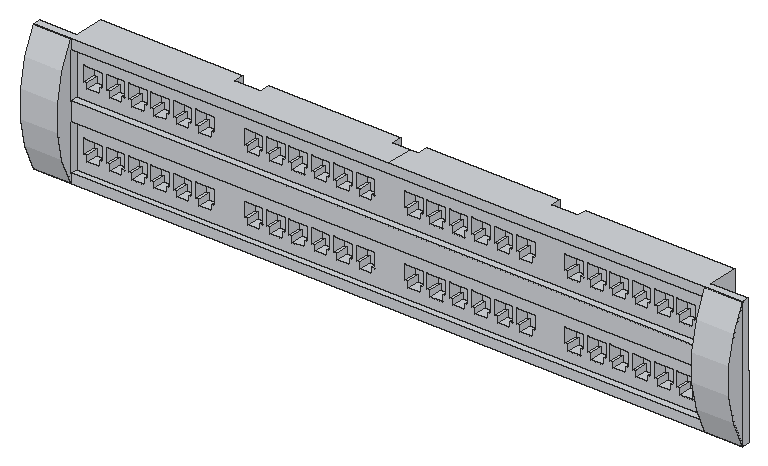
Revit family
Parameters (values of type "Type 1")
  Material ID = "760151498"
  Description = "SYSTIMAX 360 Evolve High Density F/UTP Modular Panel, 48 port"
Reference planes (in)
  plane 1 "Center (Front/Back)": y = 0
  plane 2: z = 0
  plane 3 "Center (Left/Right)": x = 0
Forms (in)
  Extrusion 1, solid
    sketch origin (0, 0, 0) x (1, 0, 0) y (0, 0, 1)
      loop
        line (0, 1.735) -> (-9.5, 1.735) -> (-9.5, -1.735) -> (9.5, -1.735) -> (9.5, 1.735) -> (0, 1.735)
    from 0 to 1
  Extrusion 2, solid
    sketch origin (0, 0, 0) x (0, 1, 0) y (0, 0, 1)
      loop
        arc (-1, 1.735) -> (-1.46083, 0) -> (-1, -1.735) r 3.49647
        line (-1, -1.735) -> (-1, 1.735)
    from -9.5 to -8.5
  Extrusion 3, solid
    sketch origin (0, 0, 0) x (0, 1, 0) y (0, 0, -1)
      loop
        line (-1, -1.735) -> (-1, 1.735)
        arc (-1, 1.735) -> (-1.46083, 0) -> (-1, -1.735) r 3.49647
    from -9.5 to -8.5
  Extrusion 4, void
    sketch origin (0, 0, 0) x (1, 0, 0) y (0, 0, 1)
      loop
        line (0, 1.5) -> (-8.5, 1.5) -> (-8.5, 0.24) -> (8.5, 0.24) -> (8.5, 1.5) -> (0, 1.5)
      loop
        line (8.5, -1.5) -> (8.5, -0.24) -> (-8.5, -0.24) -> (-8.5, -1.5) -> (8.5, -1.5)
    from 0.80035 to 1
  Extrusion 5, void
    sketch origin (0, 0, 0) x (1, 0, 0) y (0, 0, 1)
      loop
        line (-8.306, 1.07722) -> (-8.306, 0.68622) -> (-8.226, 0.68622) -> (-8.226, 0.53222) -> (-7.886, 0.53222) -> (-7.886, 0.68622) -> (-7.806, 0.68622) -> (-7.806, 1.07722) -> (-8.306, 1.07722)
    from 0.462 to 1.10159
  Extrusion 6, void, not visible
    sketch origin (0, 0, 0) x (1, 0, 0) y (0, 0, 1)
      loop
        line (-8.45, 1.2) -> (-8.45, 0.809) -> (-8.37, 0.809) -> (-8.37, 0.655) -> (-8.03, 0.655) -> (-8.03, 0.809) -> (-7.95, 0.809) -> (-7.95, 1.2) -> (-8.45, 1.2)
    from 0.60159 to 1.10159
  Extrusion 7, void, not visible
    sketch origin (0.5989, 0, 0) x (1, 0, 0) y (0, 0, 1)
      loop
        line (-8.45, 1.2) -> (-8.45, 0.809) -> (-8.37, 0.809) -> (-8.37, 0.655) -> (-8.03, 0.655) -> (-8.03, 0.809) -> (-7.95, 0.809) -> (-7.95, 1.2) -> (-8.45, 1.2)
    from 0.60159 to 1.10159
  Extrusion 8, void, not visible
    sketch origin (1.2106, 0, 0) x (1, 0, 0) y (0, 0, 1)
      loop
        line (-8.45, 1.2) -> (-8.45, 0.809) -> (-8.37, 0.809) -> (-8.37, 0.655) -> (-8.03, 0.655) -> (-8.03, 0.809) -> (-7.95, 0.809) -> (-7.95, 1.2) -> (-8.45, 1.2)
    from 0.60159 to 1.10159
  Extrusion 9, void, not visible
    sketch origin (1.81104, 0, 0) x (1, 0, 0) y (0, 0, 1)
      loop
        line (-8.45, 1.2) -> (-8.45, 0.809) -> (-8.37, 0.809) -> (-8.37, 0.655) -> (-8.03, 0.655) -> (-8.03, 0.809) -> (-7.95, 0.809) -> (-7.95, 1.2) -> (-8.45, 1.2)
    from 0.60159 to 1.10159
  Extrusion 10, void, not visible
    sketch origin (2.41302, 0, 0) x (1, 0, 0) y (0, 0, 1)
      loop
        line (-8.45, 1.2) -> (-8.45, 0.809) -> (-8.37, 0.809) -> (-8.37, 0.655) -> (-8.03, 0.655) -> (-8.03, 0.809) -> (-7.95, 0.809) -> (-7.95, 1.2) -> (-8.45, 1.2)
    from 0.60159 to 1.10159
  Extrusion 11, void, not visible
    sketch origin (3.01652, 0, 0) x (1, 0, 0) y (0, 0, 1)
      loop
        line (-8.45, 1.2) -> (-8.45, 0.809) -> (-8.37, 0.809) -> (-8.37, 0.655) -> (-8.03, 0.655) -> (-8.03, 0.809) -> (-7.95, 0.809) -> (-7.95, 1.2) -> (-8.45, 1.2)
    from 0.60159 to 1.10159
  Extrusion 12, void
    sketch origin (0, 0, 0) x (1, 0, 0) y (0, 0, 1)
      loop
        line (9.5, 1.735) -> (8.5, 1.735) -> (8.5, -1.735) -> (9.5, -1.735) -> (9.5, 1.735)
    from 0 to 0.80035
  Extrusion 13, void
    sketch origin (0.6, 0, 0) x (1, 0, 0) y (0, 0, 1)
      loop
        line (-8.306, 1.07722) -> (-8.306, 0.68622) -> (-8.226, 0.68622) -> (-8.226, 0.53222) -> (-7.886, 0.53222) -> (-7.886, 0.68622) -> (-7.806, 0.68622) -> (-7.806, 1.07722) -> (-8.306, 1.07722)
    from 0.462 to 1.10159
  Extrusion 14, void
    sketch origin (1.2, 0, 0) x (1, 0, 0) y (0, 0, 1)
      loop
        line (-8.306, 1.07722) -> (-8.306, 0.68622) -> (-8.226, 0.68622) -> (-8.226, 0.53222) -> (-7.886, 0.53222) -> (-7.886, 0.68622) -> (-7.806, 0.68622) -> (-7.806, 1.07722) -> (-8.306, 1.07722)
    from 0.462 to 1.10159
  Extrusion 15, void
    sketch origin (1.8, 0, 0) x (1, 0, 0) y (0, 0, 1)
      loop
        line (-8.306, 1.07722) -> (-8.306, 0.68622) -> (-8.226, 0.68622) -> (-8.226, 0.53222) -> (-7.886, 0.53222) -> (-7.886, 0.68622) -> (-7.806, 0.68622) -> (-7.806, 1.07722) -> (-8.306, 1.07722)
    from 0.462 to 1.10159
  Extrusion 16, void
    sketch origin (2.4, 0, 0) x (1, 0, 0) y (0, 0, 1)
      loop
        line (-8.306, 1.07722) -> (-8.306, 0.68622) -> (-8.226, 0.68622) -> (-8.226, 0.53222) -> (-7.886, 0.53222) -> (-7.886, 0.68622) -> (-7.806, 0.68622) -> (-7.806, 1.07722) -> (-8.306, 1.07722)
    from 0.462 to 1.10159
  Extrusion 17, void
    sketch origin (3, 0, 0) x (1, 0, 0) y (0, 0, 1)
      loop
        line (-8.306, 1.07722) -> (-8.306, 0.68622) -> (-8.226, 0.68622) -> (-8.226, 0.53222) -> (-7.886, 0.53222) -> (-7.886, 0.68622) -> (-7.806, 0.68622) -> (-7.806, 1.07722) -> (-8.306, 1.07722)
    from 0.462 to 1.10159
  Extrusion 18, void, not visible
    sketch origin (0, 0, 0) x (1, 0, 0) y (0, 0, 1)
      loop
        line (-8.306, 1.07722) -> (-8.306, 0.68622) -> (-8.226, 0.68622) -> (-8.226, 0.53222) -> (-7.886, 0.53222) -> (-7.886, 0.68622) -> (-7.806, 0.68622) -> (-7.806, 1.07722) -> (-8.306, 1.07722)
    from 0.462 to 1.10159
  Extrusion 19, void
    sketch origin (4.3, 0, 0) x (1, 0, 0) y (0, 0, 1)
      loop
        line (-8.306, 1.07722) -> (-8.306, 0.68622) -> (-8.226, 0.68622) -> (-8.226, 0.53222) -> (-7.886, 0.53222) -> (-7.886, 0.68622) -> (-7.806, 0.68622) -> (-7.806, 1.07722) -> (-8.306, 1.07722)
    from 0.462 to 1.10159
  Extrusion 20, void
    sketch origin (4.9, 0, 0) x (1, 0, 0) y (0, 0, 1)
      loop
        line (-8.306, 1.07722) -> (-8.306, 0.68622) -> (-8.226, 0.68622) -> (-8.226, 0.53222) -> (-7.886, 0.53222) -> (-7.886, 0.68622) -> (-7.806, 0.68622) -> (-7.806, 1.07722) -> (-8.306, 1.07722)
    from 0.462 to 1.10159
  Extrusion 21, void
    sketch origin (5.5, 0, 0) x (1, 0, 0) y (0, 0, 1)
      loop
        line (-8.306, 1.07722) -> (-8.306, 0.68622) -> (-8.226, 0.68622) -> (-8.226, 0.53222) -> (-7.886, 0.53222) -> (-7.886, 0.68622) -> (-7.806, 0.68622) -> (-7.806, 1.07722) -> (-8.306, 1.07722)
    from 0.462 to 1.10159
  Extrusion 22, void
    sketch origin (6.1, 0, 0) x (1, 0, 0) y (0, 0, 1)
      loop
        line (-8.306, 1.07722) -> (-8.306, 0.68622) -> (-8.226, 0.68622) -> (-8.226, 0.53222) -> (-7.886, 0.53222) -> (-7.886, 0.68622) -> (-7.806, 0.68622) -> (-7.806, 1.07722) -> (-8.306, 1.07722)
    from 0.462 to 1.10159
  Extrusion 23, void
    sketch origin (6.7, 0, 0) x (1, 0, 0) y (0, 0, 1)
      loop
        line (-8.306, 1.07722) -> (-8.306, 0.68622) -> (-8.226, 0.68622) -> (-8.226, 0.53222) -> (-7.886, 0.53222) -> (-7.886, 0.68622) -> (-7.806, 0.68622) -> (-7.806, 1.07722) -> (-8.306, 1.07722)
    from 0.462 to 1.10159
  Extrusion 24, void
    sketch origin (7.3, 0, 0) x (1, 0, 0) y (0, 0, 1)
      loop
        line (-8.306, 1.07722) -> (-8.306, 0.68622) -> (-8.226, 0.68622) -> (-8.226, 0.53222) -> (-7.886, 0.53222) -> (-7.886, 0.68622) -> (-7.806, 0.68622) -> (-7.806, 1.07722) -> (-8.306, 1.07722)
    from 0.462 to 1.10159
  Extrusion 25, void
    sketch origin (8.6, 0, 0) x (1, 0, 0) y (0, 0, 1)
      loop
        line (-8.306, 1.07722) -> (-8.306, 0.68622) -> (-8.226, 0.68622) -> (-8.226, 0.53222) -> (-7.886, 0.53222) -> (-7.886, 0.68622) -> (-7.806, 0.68622) -> (-7.806, 1.07722) -> (-8.306, 1.07722)
    from 0.462 to 1.10159
  Extrusion 26, void
    sketch origin (9.2, 0, 0) x (1, 0, 0) y (0, 0, 1)
      loop
        line (-8.306, 1.07722) -> (-8.306, 0.68622) -> (-8.226, 0.68622) -> (-8.226, 0.53222) -> (-7.886, 0.53222) -> (-7.886, 0.68622) -> (-7.806, 0.68622) -> (-7.806, 1.07722) -> (-8.306, 1.07722)
    from 0.462 to 1.10159
  Extrusion 27, void
    sketch origin (9.8, 0, 0) x (1, 0, 0) y (0, 0, 1)
      loop
        line (-8.306, 1.07722) -> (-8.306, 0.68622) -> (-8.226, 0.68622) -> (-8.226, 0.53222) -> (-7.886, 0.53222) -> (-7.886, 0.68622) -> (-7.806, 0.68622) -> (-7.806, 1.07722) -> (-8.306, 1.07722)
    from 0.462 to 1.10159
  Extrusion 28, void
    sketch origin (10.4, 0, 0) x (1, 0, 0) y (0, 0, 1)
      loop
        line (-8.306, 1.07722) -> (-8.306, 0.68622) -> (-8.226, 0.68622) -> (-8.226, 0.53222) -> (-7.886, 0.53222) -> (-7.886, 0.68622) -> (-7.806, 0.68622) -> (-7.806, 1.07722) -> (-8.306, 1.07722)
    from 0.462 to 1.10159
  Extrusion 29, void
    sketch origin (11, 0, 0) x (1, 0, 0) y (0, 0, 1)
      loop
        line (-8.306, 1.07722) -> (-8.306, 0.68622) -> (-8.226, 0.68622) -> (-8.226, 0.53222) -> (-7.886, 0.53222) -> (-7.886, 0.68622) -> (-7.806, 0.68622) -> (-7.806, 1.07722) -> (-8.306, 1.07722)
    from 0.462 to 1.10159
  Extrusion 30, void
    sketch origin (11.6, 0, 0) x (1, 0, 0) y (0, 0, 1)
      loop
        line (-8.306, 1.07722) -> (-8.306, 0.68622) -> (-8.226, 0.68622) -> (-8.226, 0.53222) -> (-7.886, 0.53222) -> (-7.886, 0.68622) -> (-7.806, 0.68622) -> (-7.806, 1.07722) -> (-8.306, 1.07722)
    from 0.462 to 1.10159
  Extrusion 31, void
    sketch origin (12.9, 0, 0) x (1, 0, 0) y (0, 0, 1)
      loop
        line (-8.306, 1.07722) -> (-8.306, 0.68622) -> (-8.226, 0.68622) -> (-8.226, 0.53222) -> (-7.886, 0.53222) -> (-7.886, 0.68622) -> (-7.806, 0.68622) -> (-7.806, 1.07722) -> (-8.306, 1.07722)
    from 0.462 to 1.10159
  Extrusion 32, void
    sketch origin (13.5, 0, 0) x (1, 0, 0) y (0, 0, 1)
      loop
        line (-8.306, 1.07722) -> (-8.306, 0.68622) -> (-8.226, 0.68622) -> (-8.226, 0.53222) -> (-7.886, 0.53222) -> (-7.886, 0.68622) -> (-7.806, 0.68622) -> (-7.806, 1.07722) -> (-8.306, 1.07722)
    from 0.462 to 1.10159
  Extrusion 33, void
    sketch origin (14.1, 0, 0) x (1, 0, 0) y (0, 0, 1)
      loop
        line (-8.306, 1.07722) -> (-8.306, 0.68622) -> (-8.226, 0.68622) -> (-8.226, 0.53222) -> (-7.886, 0.53222) -> (-7.886, 0.68622) -> (-7.806, 0.68622) -> (-7.806, 1.07722) -> (-8.306, 1.07722)
    from 0.462 to 1.10159
  Extrusion 34, void
    sketch origin (14.7, 0, 0) x (1, 0, 0) y (0, 0, 1)
      loop
        line (-8.306, 1.07722) -> (-8.306, 0.68622) -> (-8.226, 0.68622) -> (-8.226, 0.53222) -> (-7.886, 0.53222) -> (-7.886, 0.68622) -> (-7.806, 0.68622) -> (-7.806, 1.07722) -> (-8.306, 1.07722)
    from 0.462 to 1.10159
  Extrusion 35, void
    sketch origin (15.3, 0, 0) x (1, 0, 0) y (0, 0, 1)
      loop
        line (-8.306, 1.07722) -> (-8.306, 0.68622) -> (-8.226, 0.68622) -> (-8.226, 0.53222) -> (-7.886, 0.53222) -> (-7.886, 0.68622) -> (-7.806, 0.68622) -> (-7.806, 1.07722) -> (-8.306, 1.07722)
    from 0.462 to 1.10159
  Extrusion 36, void
    sketch origin (15.9, 0, 0) x (1, 0, 0) y (0, 0, 1)
      loop
        line (-8.306, 1.07722) -> (-8.306, 0.68622) -> (-8.226, 0.68622) -> (-8.226, 0.53222) -> (-7.886, 0.53222) -> (-7.886, 0.68622) -> (-7.806, 0.68622) -> (-7.806, 1.07722) -> (-8.306, 1.07722)
    from 0.462 to 1.10159
  Extrusion 37, void, not visible
    sketch origin (0, 0, 0) x (1, 0, 0) y (0, 0, 1)
      loop
        line (-8.306, 1.07722) -> (-8.306, 0.68622) -> (-8.226, 0.68622) -> (-8.226, 0.53222) -> (-7.886, 0.53222) -> (-7.886, 0.68622) -> (-7.806, 0.68622) -> (-7.806, 1.07722) -> (-8.306, 1.07722)
    from 0.462 to 1.10159
  Extrusion 38, void, not visible
    sketch origin (0.6, 0, 0) x (1, 0, 0) y (0, 0, 1)
      loop
        line (-8.306, 1.07722) -> (-8.306, 0.68622) -> (-8.226, 0.68622) -> (-8.226, 0.53222) -> (-7.886, 0.53222) -> (-7.886, 0.68622) -> (-7.806, 0.68622) -> (-7.806, 1.07722) -> (-8.306, 1.07722)
    from 0.462 to 1.10159
  Extrusion 39, void, not visible
    sketch origin (1.2, 0, 0) x (1, 0, 0) y (0, 0, 1)
      loop
        line (-8.306, 1.07722) -> (-8.306, 0.68622) -> (-8.226, 0.68622) -> (-8.226, 0.53222) -> (-7.886, 0.53222) -> (-7.886, 0.68622) -> (-7.806, 0.68622) -> (-7.806, 1.07722) -> (-8.306, 1.07722)
    from 0.462 to 1.10159
  Extrusion 40, void, not visible
    sketch origin (1.8, 0, 0) x (1, 0, 0) y (0, 0, 1)
      loop
        line (-8.306, 1.07722) -> (-8.306, 0.68622) -> (-8.226, 0.68622) -> (-8.226, 0.53222) -> (-7.886, 0.53222) -> (-7.886, 0.68622) -> (-7.806, 0.68622) -> (-7.806, 1.07722) -> (-8.306, 1.07722)
    from 0.462 to 1.10159
  Extrusion 41, void, not visible
    sketch origin (2.4, 0, 0) x (1, 0, 0) y (0, 0, 1)
      loop
        line (-8.306, 1.07722) -> (-8.306, 0.68622) -> (-8.226, 0.68622) -> (-8.226, 0.53222) -> (-7.886, 0.53222) -> (-7.886, 0.68622) -> (-7.806, 0.68622) -> (-7.806, 1.07722) -> (-8.306, 1.07722)
    from 0.462 to 1.10159
  Extrusion 42, void, not visible
    sketch origin (3, 0, 0) x (1, 0, 0) y (0, 0, 1)
      loop
        line (-8.306, 1.07722) -> (-8.306, 0.68622) -> (-8.226, 0.68622) -> (-8.226, 0.53222) -> (-7.886, 0.53222) -> (-7.886, 0.68622) -> (-7.806, 0.68622) -> (-7.806, 1.07722) -> (-8.306, 1.07722)
    from 0.462 to 1.10159
  Extrusion 43, void
    sketch origin (0, 0, -1.75) x (1, 0, 0) y (0, 0, 1)
      loop
        line (-8.306, 1.07722) -> (-8.306, 0.68622) -> (-8.226, 0.68622) -> (-8.226, 0.53222) -> (-7.886, 0.53222) -> (-7.886, 0.68622) -> (-7.806, 0.68622) -> (-7.806, 1.07722) -> (-8.306, 1.07722)
    from 0.462 to 1.10159
  Extrusion 44, void
    sketch origin (0.6, 0, -1.75) x (1, 0, 0) y (0, 0, 1)
      loop
        line (-8.306, 1.07722) -> (-8.306, 0.68622) -> (-8.226, 0.68622) -> (-8.226, 0.53222) -> (-7.886, 0.53222) -> (-7.886, 0.68622) -> (-7.806, 0.68622) -> (-7.806, 1.07722) -> (-8.306, 1.07722)
    from 0.462 to 1.10159
  Extrusion 45, void
    sketch origin (1.2, 0, -1.75) x (1, 0, 0) y (0, 0, 1)
      loop
        line (-8.306, 1.07722) -> (-8.306, 0.68622) -> (-8.226, 0.68622) -> (-8.226, 0.53222) -> (-7.886, 0.53222) -> (-7.886, 0.68622) -> (-7.806, 0.68622) -> (-7.806, 1.07722) -> (-8.306, 1.07722)
    from 0.462 to 1.10159
  Extrusion 46, void
    sketch origin (1.8, 0, -1.75) x (1, 0, 0) y (0, 0, 1)
      loop
        line (-8.306, 1.07722) -> (-8.306, 0.68622) -> (-8.226, 0.68622) -> (-8.226, 0.53222) -> (-7.886, 0.53222) -> (-7.886, 0.68622) -> (-7.806, 0.68622) -> (-7.806, 1.07722) -> (-8.306, 1.07722)
    from 0.462 to 1.10159
  Extrusion 47, void
    sketch origin (2.4, 0, -1.75) x (1, 0, 0) y (0, 0, 1)
      loop
        line (-8.306, 1.07722) -> (-8.306, 0.68622) -> (-8.226, 0.68622) -> (-8.226, 0.53222) -> (-7.886, 0.53222) -> (-7.886, 0.68622) -> (-7.806, 0.68622) -> (-7.806, 1.07722) -> (-8.306, 1.07722)
    from 0.462 to 1.10159
  Extrusion 48, void
    sketch origin (3, 0, -1.75) x (1, 0, 0) y (0, 0, 1)
      loop
        line (-8.306, 1.07722) -> (-8.306, 0.68622) -> (-8.226, 0.68622) -> (-8.226, 0.53222) -> (-7.886, 0.53222) -> (-7.886, 0.68622) -> (-7.806, 0.68622) -> (-7.806, 1.07722) -> (-8.306, 1.07722)
    from 0.462 to 1.10159
  Extrusion 49, void
    sketch origin (4.3, 0, -1.75) x (1, 0, 0) y (0, 0, 1)
      loop
        line (-8.306, 1.07722) -> (-8.306, 0.68622) -> (-8.226, 0.68622) -> (-8.226, 0.53222) -> (-7.886, 0.53222) -> (-7.886, 0.68622) -> (-7.806, 0.68622) -> (-7.806, 1.07722) -> (-8.306, 1.07722)
    from 0.462 to 1.10159
  Extrusion 50, void
    sketch origin (4.9, 0, -1.75) x (1, 0, 0) y (0, 0, 1)
      loop
        line (-8.306, 1.07722) -> (-8.306, 0.68622) -> (-8.226, 0.68622) -> (-8.226, 0.53222) -> (-7.886, 0.53222) -> (-7.886, 0.68622) -> (-7.806, 0.68622) -> (-7.806, 1.07722) -> (-8.306, 1.07722)
    from 0.462 to 1.10159
  Extrusion 51, void
    sketch origin (5.5, 0, -1.75) x (1, 0, 0) y (0, 0, 1)
      loop
        line (-8.306, 1.07722) -> (-8.306, 0.68622) -> (-8.226, 0.68622) -> (-8.226, 0.53222) -> (-7.886, 0.53222) -> (-7.886, 0.68622) -> (-7.806, 0.68622) -> (-7.806, 1.07722) -> (-8.306, 1.07722)
    from 0.462 to 1.10159
  Extrusion 52, void
    sketch origin (6.1, 0, -1.75) x (1, 0, 0) y (0, 0, 1)
      loop
        line (-8.306, 1.07722) -> (-8.306, 0.68622) -> (-8.226, 0.68622) -> (-8.226, 0.53222) -> (-7.886, 0.53222) -> (-7.886, 0.68622) -> (-7.806, 0.68622) -> (-7.806, 1.07722) -> (-8.306, 1.07722)
    from 0.462 to 1.10159
  Extrusion 53, void
    sketch origin (6.7, 0, -1.75) x (1, 0, 0) y (0, 0, 1)
      loop
        line (-8.306, 1.07722) -> (-8.306, 0.68622) -> (-8.226, 0.68622) -> (-8.226, 0.53222) -> (-7.886, 0.53222) -> (-7.886, 0.68622) -> (-7.806, 0.68622) -> (-7.806, 1.07722) -> (-8.306, 1.07722)
    from 0.462 to 1.10159
  Extrusion 54, void
    sketch origin (7.3, 0, -1.75) x (1, 0, 0) y (0, 0, 1)
      loop
        line (-8.306, 1.07722) -> (-8.306, 0.68622) -> (-8.226, 0.68622) -> (-8.226, 0.53222) -> (-7.886, 0.53222) -> (-7.886, 0.68622) -> (-7.806, 0.68622) -> (-7.806, 1.07722) -> (-8.306, 1.07722)
    from 0.462 to 1.10159
  Extrusion 55, void
    sketch origin (8.6, 0, -1.75) x (1, 0, 0) y (0, 0, 1)
      loop
        line (-8.306, 1.07722) -> (-8.306, 0.68622) -> (-8.226, 0.68622) -> (-8.226, 0.53222) -> (-7.886, 0.53222) -> (-7.886, 0.68622) -> (-7.806, 0.68622) -> (-7.806, 1.07722) -> (-8.306, 1.07722)
    from 0.462 to 1.10159
  Extrusion 56, void
    sketch origin (9.2, 0, -1.75) x (1, 0, 0) y (0, 0, 1)
      loop
        line (-8.306, 1.07722) -> (-8.306, 0.68622) -> (-8.226, 0.68622) -> (-8.226, 0.53222) -> (-7.886, 0.53222) -> (-7.886, 0.68622) -> (-7.806, 0.68622) -> (-7.806, 1.07722) -> (-8.306, 1.07722)
    from 0.462 to 1.10159
  Extrusion 57, void
    sketch origin (9.8, 0, -1.75) x (1, 0, 0) y (0, 0, 1)
      loop
        line (-8.306, 1.07722) -> (-8.306, 0.68622) -> (-8.226, 0.68622) -> (-8.226, 0.53222) -> (-7.886, 0.53222) -> (-7.886, 0.68622) -> (-7.806, 0.68622) -> (-7.806, 1.07722) -> (-8.306, 1.07722)
    from 0.462 to 1.10159
  Extrusion 58, void
    sketch origin (10.4, 0, -1.75) x (1, 0, 0) y (0, 0, 1)
      loop
        line (-8.306, 1.07722) -> (-8.306, 0.68622) -> (-8.226, 0.68622) -> (-8.226, 0.53222) -> (-7.886, 0.53222) -> (-7.886, 0.68622) -> (-7.806, 0.68622) -> (-7.806, 1.07722) -> (-8.306, 1.07722)
    from 0.462 to 1.10159
  Extrusion 59, void
    sketch origin (11, 0, -1.75) x (1, 0, 0) y (0, 0, 1)
      loop
        line (-8.306, 1.07722) -> (-8.306, 0.68622) -> (-8.226, 0.68622) -> (-8.226, 0.53222) -> (-7.886, 0.53222) -> (-7.886, 0.68622) -> (-7.806, 0.68622) -> (-7.806, 1.07722) -> (-8.306, 1.07722)
    from 0.462 to 1.10159
  Extrusion 60, void
    sketch origin (11.6, 0, -1.75) x (1, 0, 0) y (0, 0, 1)
      loop
        line (-8.306, 1.07722) -> (-8.306, 0.68622) -> (-8.226, 0.68622) -> (-8.226, 0.53222) -> (-7.886, 0.53222) -> (-7.886, 0.68622) -> (-7.806, 0.68622) -> (-7.806, 1.07722) -> (-8.306, 1.07722)
    from 0.462 to 1.10159
  Extrusion 61, void
    sketch origin (12.9, 0, -1.75) x (1, 0, 0) y (0, 0, 1)
      loop
        line (-8.306, 1.07722) -> (-8.306, 0.68622) -> (-8.226, 0.68622) -> (-8.226, 0.53222) -> (-7.886, 0.53222) -> (-7.886, 0.68622) -> (-7.806, 0.68622) -> (-7.806, 1.07722) -> (-8.306, 1.07722)
    from 0.462 to 1.10159
  Extrusion 62, void
    sketch origin (13.5, 0, -1.75) x (1, 0, 0) y (0, 0, 1)
      loop
        line (-8.306, 1.07722) -> (-8.306, 0.68622) -> (-8.226, 0.68622) -> (-8.226, 0.53222) -> (-7.886, 0.53222) -> (-7.886, 0.68622) -> (-7.806, 0.68622) -> (-7.806, 1.07722) -> (-8.306, 1.07722)
    from 0.462 to 1.10159
  Extrusion 63, void
    sketch origin (14.1, 0, -1.75) x (1, 0, 0) y (0, 0, 1)
      loop
        line (-8.306, 1.07722) -> (-8.306, 0.68622) -> (-8.226, 0.68622) -> (-8.226, 0.53222) -> (-7.886, 0.53222) -> (-7.886, 0.68622) -> (-7.806, 0.68622) -> (-7.806, 1.07722) -> (-8.306, 1.07722)
    from 0.462 to 1.10159
  Extrusion 64, void
    sketch origin (14.7, 0, -1.75) x (1, 0, 0) y (0, 0, 1)
      loop
        line (-8.306, 1.07722) -> (-8.306, 0.68622) -> (-8.226, 0.68622) -> (-8.226, 0.53222) -> (-7.886, 0.53222) -> (-7.886, 0.68622) -> (-7.806, 0.68622) -> (-7.806, 1.07722) -> (-8.306, 1.07722)
    from 0.462 to 1.10159
  Extrusion 65, void
    sketch origin (15.3, 0, -1.75) x (1, 0, 0) y (0, 0, 1)
      loop
        line (-8.306, 1.07722) -> (-8.306, 0.68622) -> (-8.226, 0.68622) -> (-8.226, 0.53222) -> (-7.886, 0.53222) -> (-7.886, 0.68622) -> (-7.806, 0.68622) -> (-7.806, 1.07722) -> (-8.306, 1.07722)
    from 0.462 to 1.10159
  Extrusion 66, void
    sketch origin (15.9, 0, -1.75) x (1, 0, 0) y (0, 0, 1)
      loop
        line (-8.306, 1.07722) -> (-8.306, 0.68622) -> (-8.226, 0.68622) -> (-8.226, 0.53222) -> (-7.886, 0.53222) -> (-7.886, 0.68622) -> (-7.806, 0.68622) -> (-7.806, 1.07722) -> (-8.306, 1.07722)
    from 0.462 to 1.10159
  Extrusion 67, void
    sketch origin (0, 0, 0) x (1, 0, 0) y (0, 0, 1)
      loop
        line (-8.5, 1.735) -> (-9.5, 1.735) -> (-9.5, -1.735) -> (-8.5, -1.735) -> (-8.5, 1.735)
    from 0 to 0.80035
  Extrusion 68, void
    sketch origin (0, 0, 0) x (1, 0, 0) y (0, 0, 1)
      loop
        line (4.5, 1.75) -> (3.8, 1.75) -> (3.8, -1.735) -> (4.5, -1.735) -> (4.5, 1.75)
      loop
        line (0.25, 1.75) -> (-0.45, 1.75) -> (-0.45, -1.735) -> (0.25, -1.735) -> (0.25, 1.75)
      loop
        line (-4, 1.75) -> (-4.7, 1.75) -> (-4.7, -1.735) -> (-4, -1.735) -> (-4, 1.75)
    from 0 to 0.26215
  Extrusion 69, void
    sketch origin (0, 0, 0) x (1, 0, 0) y (0, 0, 1)
      loop
        line (9.16752, 1.36323) -> (8.79742, 1.36323)
        arc (8.79742, 1.36323) -> (8.64742, 1.21323) -> (8.79742, 1.06323) r 0.15
        line (8.79742, 1.06323) -> (9.16752, 1.06323)
        arc (9.16752, 1.06323) -> (9.31752, 1.21323) -> (9.16752, 1.36323) r 0.15
      loop
        arc (9.16752, -1.36323) -> (9.31752, -1.21323) -> (9.16752, -1.06323) r 0.15
        line (9.16752, -1.06323) -> (8.79742, -1.06323)
        arc (8.79742, -1.06323) -> (8.64742, -1.21323) -> (8.79742, -1.36323) r 0.15
        line (8.79742, -1.36323) -> (9.16752, -1.36323)
      loop
        arc (-9.16752, 1.36323) -> (-9.31752, 1.21323) -> (-9.16752, 1.06323) r 0.15
        line (-9.16752, 1.06323) -> (-8.79742, 1.06323)
        arc (-8.79742, 1.06323) -> (-8.64742, 1.21323) -> (-8.79742, 1.36323) r 0.15
        line (-8.79742, 1.36323) -> (-9.16752, 1.36323)
      loop
        line (-9.16752, -1.36323) -> (-8.79742, -1.36323)
        arc (-8.79742, -1.36323) -> (-8.64742, -1.21323) -> (-8.79742, -1.06323) r 0.15
        line (-8.79742, -1.06323) -> (-9.16752, -1.06323)
        arc (-9.16752, -1.06323) -> (-9.31752, -1.21323) -> (-9.16752, -1.36323) r 0.15
    from 0 to 1
Cuts and joins
  Extrusion 4, Extrusion 5, Extrusion 12, Extrusion 13, Extrusion 14, Extrusion 15, Extrusion 16, Extrusion 17, Extrusion 19, Extrusion 20, Extrusion 21, Extrusion 22, Extrusion 23, Extrusion 24, Extrusion 25, Extrusion 26, Extrusion 27, Extrusion 28, Extrusion 29, Extrusion 30, Extrusion 31, Extrusion 32, Extrusion 33, Extrusion 34, Extrusion 35, Extrusion 36, Extrusion 43, Extrusion 44, Extrusion 45, Extrusion 46, Extrusion 47, Extrusion 48, Extrusion 49, Extrusion 50, Extrusion 51, Extrusion 52, Extrusion 53, Extrusion 54, Extrusion 55, Extrusion 56, Extrusion 57, Extrusion 58, Extrusion 59, Extrusion 60, Extrusion 61, Extrusion 62, Extrusion 63, Extrusion 64, Extrusion 65, Extrusion 66, Extrusion 67, Extrusion 68, Extrusion 69 cuts Extrusion 1
  Extrusion 4, Extrusion 67, Extrusion 69 cuts Extrusion 2
  Extrusion 4, Extrusion 12, Extrusion 69 cuts Extrusion 3
Dimensions and locks (in)
  equal spacing: group 2, group 3, group 4, group 5, group 6, group 7  (x3)
  equal spacing: group 10, group 11, group 12, group 13, group 14, group 15  (x3)
  equal spacing: group 8, group 16, group 23, group 30  (x3)
  equal spacing: group 17, group 18, group 19, group 20, group 21, group 22  (x3)
  equal spacing: group 24, group 25, group 26, group 27, group 28, group 29  (x3)
  equal spacing: group 32, group 33, group 34, group 35, group 36, group 37  (x3)
  equal spacing: group 39, group 40, group 41, group 42, group 43, group 44  (x3)
  equal spacing: group 46, group 47, group 48, group 49, group 50, group 51  (x3)
  equal spacing: group 45, group 52, group 59, group 66  (x3)
  equal spacing: group 53, group 54, group 55, group 56, group 57, group 58  (x3)
  equal spacing: group 60, group 61, group 62, group 63, group 64, group 65  (x3)
  group 31 to group 67 = 0"  (x2)
  group 67 to group 31 = 1.75"
  aligned and locked: Extrusion 2 sketch curve to Extrusion 1
  aligned and locked: plane 3 "Center (Left/Right)" to Extrusion 4 sketch curve
  aligned and locked: Extrusion 12 sketch curve to cut or joined group 1 (Extrusion 1, Extrusion 4, Extrusion 5, Extrusion 12, Extrusion 13, Extrusion 14, Extrusion 15, Extrusion 16, Extrusion 17, Extrusion 19, Extrusion 20, Extrusion 21, Extrusion 22, Extrusion 23, Extrusion 24, Extrusion 25, Extrusion 26, Extrusion 27, Extrusion 28, Extrusion 29, Extrusion 30, Extrusion 31, Extrusion 32, Extrusion 33, Extrusion 34, Extrusion 35, Extrusion 36, Extrusion 43, Extrusion 44, Extrusion 45, Extrusion 46, Extrusion 47, Extrusion 48, Extrusion 49, Extrusion 50, Extrusion 51, Extrusion 52, Extrusion 53, Extrusion 54, Extrusion 55, Extrusion 56, Extrusion 57, Extrusion 58, Extrusion 59, Extrusion 60, Extrusion 61, Extrusion 62, Extrusion 63, Extrusion 64, Extrusion 65, Extrusion 66, Extrusion 67, Extrusion 68, Extrusion 69)  (x2)
  aligned and locked: Extrusion 12 sketch curve to cut or joined group of Extrusion 3, Extrusion 4, Extrusion 12, Extrusion 69  (x2)
  aligned and locked: Extrusion 67 sketch curve to cut or joined group of Extrusion 2, Extrusion 4, Extrusion 67, Extrusion 69  (x2)
  aligned and locked: Extrusion 67 sketch curve to cut or joined group 1  (x2)
